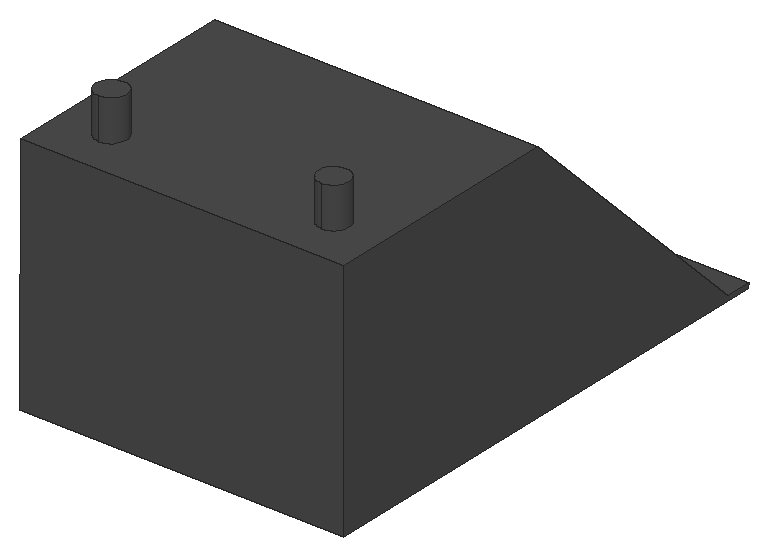
Revit family "BirdControl_Charger_BirdBGone_Solar", category Specialty Equipment, Revit 2017
Family settings
  Round Connector Dimension = Use Diameter
  Part Type = Normal
  OmniClass Number = 23.40.10.14.14.99
  OmniClass Title = Other Manufactured Exterior Specialties
  Work Plane-Based = Yes
  Always vertical = No
  Cut with Voids When Loaded = No
  Shared = No
  Room Calculation Point = No
Parameters (values of type "SCR740")
  offset [instance] = 0' - 0"
  Warranty Duration (Years) = 0
  Unit Width = 0' - 8"
  Unit Height = 1' - 0"
  Unit Depth = 0' - 6"
  URL = "http://www.birdbgone.com/"
  Test Data = "http://www.birdbgone.com/bird-control-product-msds"
  Specification = "http://www.arcat.com/sdspecs/htm/10290bir.htm"
  SpecWizard = ""
  Send Message = "http://www.arcat.com/users.pl?action=UserEmail&company=Bird-B-Gone,%20Inc.&coid=38371&rep=147&fax=949-472-3116&mf="
  Sales Information = "http://www.birdbgone.com/bird-control-store/"
  Revision = "R1_10-2010"
  Product Properties = "http://www.arcat.com/bim/bim_info.pl?fn=BirdBGone"
  Product Data = "http://www.arcat.com/arcatcos/cos38/arc38371.html"
  Model = "As Specified in 10 81 19"
  Material [instance] = Metal - Bird B Gone - Black
  Manufacturer Website = "http://www.birdbgone.com/"
  Manufacturer Phone - Toll Free = "800-392-6915"
  Manufacturer Phone = "949-472-3122"
  Manufacturer Fax = "949-472-3116"
  Manufacturer Address = "23918 Skyline, Mission Viejo, CA 92692"
  Manufacturer = "Bird-B-Gone, Inc."
  Maintenance Schedule (Months) = 0
  Keynote = "10 81 19"
  Installation-Fabrication = "http://www.birdbgone.com/installation-instructions"
  Installation Phase = ""
  Green Building-LEED = "http://www.arcat.com/green/clients/leed_data_38371.html"
  Expected Lifespan (Years) = 0
  Drawn By = "Robert S. Weygant, CSI, CDT, SCIP"
  Description = "Bird Control Equipment as Specified in 10 81 19"
  Default Elevation = 4' - 0"
  Copyright = "wt"
  Construction Details = "http://www.arcat.com/details/birdbgon/birdbgon.html?coid=38371"
  Building Codes = "http://www.birdbgone.com/knowledge-center/"
  Assembly Code = "E1090900"
Reference planes (in)
  plane 1 "Center (Front/Back)": y = 0
  plane 2 "Bottom": z = 0
  plane 3 "Center (Left/Right)": x = 0
  plane 4 "Top": z = 6
  plane 5: x = -4
  plane 6: x = 4
  plane 7: y = 6
  plane 8: y = -6
Forms (in)
  Extrusion 1, solid, material "Metal - Bird B Gone - Black" <- "Material", detail levels medium+fine
    sketch origin (0, 0, 0) x (0, 1, 0) y (0, 0, 1)
      loop
        line (5.875, 0.125) -> (0, 6) -> (-6, 6) -> (-6, 0) -> (6.5, 0) -> (6.5, 0.125) -> (5.875, 0.125)
    from -4 to 4
  Extrusion 2, solid, material "Metal - Bird B Gone - Black" <- "Material", detail levels medium+fine
    sketch origin (-1.25, 1.25, 6) x (0, -1, 0) y (1, 0, 0)
      loop
        circle (6, 4) r 0.375
    from 0 to 1
  Extrusion 3, solid, material "Metal - Bird B Gone - Black" <- "Material", detail levels medium+fine
    sketch origin (1.25, 1.25, 6) x (0, -1, 0) y (1, 0, 0)
      loop
        circle (6, -4) r 0.375
    from 0 to 1
Cuts and joins
  joined: Extrusion 1, Extrusion 2, Extrusion 3
Lines and regions (in)
  model lines, style "Bird Control", detail levels fine
    curve 1: line (3.5, 0.35355, 5.64645) -> (3.5, 5.52145, 0.47855)
    curve 2: line (-3.5, 0.35355, 5.64645) -> (3.5, 0.35355, 5.64645)
    curve 3: line (-3.5, 5.52145, 0.47855) -> (-3.5, 0.35355, 5.64645)
    curve 4: line (3.5, 5.52145, 0.47855) -> (-3.5, 5.52145, 0.47855)
    curve 5: line (1, -0.5, 6) -> (1, -1, 6)
    curve 6: line (-1, -0.5, 6) -> (1, -0.5, 6)
    curve 7: line (-1, -1, 6) -> (-1, -0.5, 6)
    curve 8: line (1, -1, 6) -> (-1, -1, 6)
    curve 9: circle (0, -4.75, 6) r 0.25 normal (0, 0, 1)
Dimensions and locks (in)
  "Unit Depth": plane 4 "Top" to level
  equal spacing: plane 5, plane 3 "Center (Left/Right)", plane 6
  "Unit Width": plane 5 to plane 6
  equal spacing: plane 7, plane 1 "Center (Front/Back)", plane 8
  "Unit Height": plane 7 to plane 8
  aligned and locked: Extrusion 1 to plane 5
  aligned and locked: Extrusion 1 to plane 6
Automatic sketch dimensions
  Extrusion 1 sketch curve to level = 0' - 0"
  Extrusion 1 sketch curve to plane 8 = 0' - 0"
  Extrusion 1 sketch curve to plane 1 "Center (Front/Back)" = 0' - 0"
  Extrusion 1 sketch curve to plane 4 "Top" = 0' - 0"
  Extrusion 1 sketch curve to plane 7 = 0' - 0 1/8"
  level to Extrusion 1 sketch curve = 0' - 0 1/8"
  plane 7 to Extrusion 1 sketch curve = 0' - 0 1/2"
  Extrusion 1 to curve 1 = 0' - 0 1/2"
  Extrusion 1 to curve 3 = 0' - 0 1/2"  (x2)
  Extrusion 1 to curve 2 = 0' - 0 1/2"
  Extrusion 2 sketch curve to Extrusion 1 = 0' - 1 1/4"
  Extrusion 1 to Extrusion 2 sketch curve = 0' - 1 1/4"
  Extrusion 3 sketch curve to Extrusion 1 = 0' - 1 1/4"
  Extrusion 1 to Extrusion 3 sketch curve = 0' - 1 1/4"
  curve 7 to Extrusion 1 = 0' - 0 1/2"
  curve 6 to curve 7 = 0' - 0 1/2"
  curve 9 to Extrusion 1 = 0' - 1 1/4"
  Extrusion 1 to curve 8 = 0' - 3"
  curve 7 to curve 9 = 0' - 1"
  curve 7 to curve 8 = 0' - 2"
  radius of Extrusion 2 sketch curve = 0' - 0 3/8"
  radius of Extrusion 3 sketch curve = 0' - 0 3/8"
  radius of curve 9 = 0' - 0 1/4"
